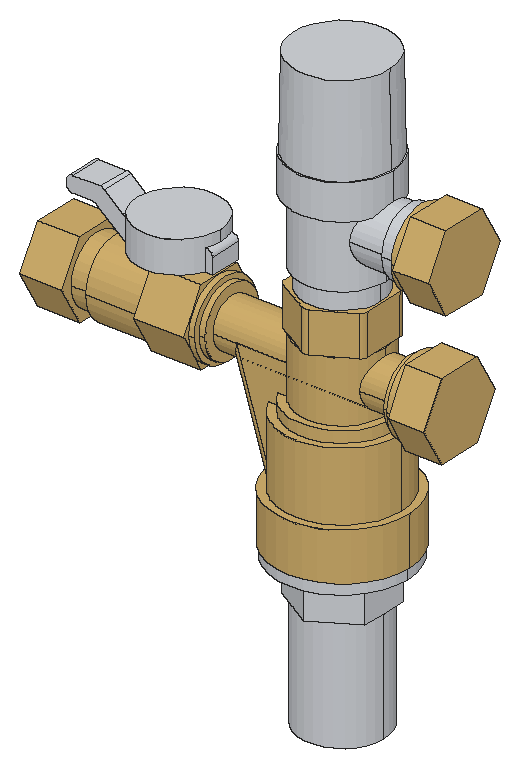
Revit family
Parameters (values of type "KHN3.204")
  URL = "http://www.autospec.co.za/browse.php?id=1644179288"
  Radius of Pipe = Diameter of Pipe / 2  # 7.5 mm
  Product Code = "KHN3.204"
  Pressure Rating = 400 kPa
  OmniClass Title = ""
  OmniClass Number = ""
  Modspec Classification = ""
  Specification = ""
  Location (revit room) = ""
  Model = "Pressure Control Multi Valve KHN3.204"
  Manufacturer = "Kwikot"  # constant formula
  Material = DZR Brass
  Diameter of Pipe = 15 mm
  Colour = none
  Body Finish = none
  Assembly Code = "D2090800"
Types (6, lengths in mm): name | Radius of Pipe | Product Code | Pressure Rating | Model | Diameter of Pipe
  (no name) | 7.5 | "KHN3.204" | 400 kPa | "Pressure Control Multi Valve KHN3.204" | 15
  KHN3.204 | 7.5 | "KHN3.204" | 400 kPa | "Pressure Control Multi Valve KHN3.204" | 15
  KHN3.206 | 7.5 | "KHN3.206" | 600 kPa | "Pressure Control Multi Valve KHN3.206" | 15
  KHN3.212 | 11 | "KHN3.212" | 200 kPa | "Pressure Control Multi Valve KHN3.212" | 22
  KHN3.214 | 11 | "KHN3.214" | 400 kPa | "Pressure Control Multi Valve KHN3.214" | 22
  KHN3.216 | 11 | "KHN3.216" | 600 kPa | "Pressure Control Multi Valve KHN3.216" | 22
Reference planes
  plane 1 "Center (Front/Back)": y = 0
  plane 2: z = 0
  plane 3 "Center (Left/Right)": x = 0
  plane 4: z = -100
  plane 5: z = 88
  plane 6: z = -65
  plane 7: x = 13
  plane 8: x = -13
  plane 9: z = -49.4
  plane 10: z = -34.4
  plane 11: z = -52.865
  plane 12: z = -12.9
  plane 13: z = -9.4
  plane 14: z = 9.6
  plane 15: z = 22.1
  plane 16: z = 28.1
  plane 17: z = 49
  plane 18: z = 60
  plane 19: x = 21.5
  plane 20: x = -34.5
  plane 21: x = 36.5
  plane 22: x = -54
  plane 23: x = 23.5
  plane 24: x = 25.5
  plane 25: x = -36.5
  plane 26: x = -38.5
  plane 27: z = 42
  plane 28: x = 38
  plane 29: x = 27
  plane 30: x = -70.5
  plane 31: x = -76.5
  plane 32: x = -89.5
  plane 33: x = -51
  plane 34: x = -26.5
Forms (mm)
  Extrusion 1, solid, detail levels fine
    sketch origin (-440, -1524, -100) x (-1, 0, 0) y (0, -1, 0)
      loop
        circle (-440, -1524) r 13
    from 0 to 35
  Extrusion 2, solid, detail levels fine
    sketch origin (-440, -1524, -65) x (-1, 0, 0) y (0, -1, 0)
      loop
        line (-453, -1531.506) -> (-440, -1539.011) -> (-427, -1531.506) -> (-427, -1516.494) -> (-440, -1508.989) -> (-453, -1516.494) -> (-453, -1531.506)
    from 0 to 12.135
  Extrusion 3, solid, detail levels fine
    sketch origin (-20.969, -1524, -52.865) x (-1, 0, 0) y (0, -1, 0)
      loop
        circle (-20.969, -1524) r 20.5
    from 0 to 3.465
  Extrusion 4, solid, material "DZR Brass" <- "Material", detail levels fine
    sketch origin (-165.612, -1524, -49.4) x (-1, 0, 0) y (0, -1, 0)
      loop
        circle (-165.612, -1524) r 21
    from 0 to 15
  Extrusion 5, solid, material "DZR Brass" <- "Material", detail levels fine
    sketch origin (0, 0, 0) x (0, 1, 0) y (0, 0, 1)
      loop
        circle (0, 0) r 7.5
    from 21.5 to -34.5
  Extrusion 6, solid, material "DZR Brass" <- "Material", detail levels fine
    sketch origin (-165.612, -1524, -34.4) x (-1, 0, 0) y (0, -1, 0)
      loop
        circle (-165.612, -1524) r 18.5
    from 0 to 21.5
  Extrusion 7, solid, material "DZR Brass" <- "Material", detail levels fine
    sketch origin (-60.699, -1524, -12.9) x (-1, 0, 0) y (0, -1, 0)
      loop
        circle (-60.699, -1524) r 16
    from 0 to 3.5
  Extrusion 8, solid, material "DZR Brass" <- "Material", detail levels fine
    sketch origin (-60.699, -1524, -9.4) x (-1, 0, 0) y (0, -1, 0)
      loop
        circle (-60.699, -1524) r 13.5
    from 0 to 19
  Blend 9, solid, material "DZR Brass" <- "Material", detail levels fine
    base sketch origin (-60.699, -1524, -9.4) x (-1, 0, 0) y (0, -1, 0)
      loop
        arc (-33.817, -1531.5) -> (-32.08, -1530.945) -> (-30.984, -1529.487) r 3
        arc (-30.984, -1529.487) -> (-29.942, -1523.968) -> (-31.003, -1518.452) r 15
        arc (-31.003, -1518.452) -> (-32.103, -1517.036) -> (-33.814, -1516.5) r 3
        line (-33.814, -1516.5) -> (-55.873, -1516.5) -> (-55.873, -1531.5) -> (-33.817, -1531.5)
    top sketch origin (-60.699, -1524, -9.4) x (-1, 0, 0) y (0, -1, 0)
      loop
        line (-55.873, -1531.5) -> (-44.824, -1531.5)
        arc (-44.824, -1531.5) -> (-43.015, -1530.893) -> (-41.938, -1529.318) r 3
        arc (-41.938, -1529.318) -> (-41.199, -1524) -> (-41.938, -1518.682) r 19.5
        arc (-41.938, -1518.682) -> (-43.015, -1517.107) -> (-44.824, -1516.5) r 3
        line (-44.824, -1516.5) -> (-55.873, -1516.5) -> (-55.873, -1531.5)
    from 9.4 to -25.5
  Extrusion 10, solid, material "DZR Brass" <- "Material", detail levels fine
    sketch origin (-60.699, -1524, 9.6) x (-1, 0, 0) y (0, -1, 0)
      loop
        line (-72.699, -1532.083) -> (-61.699, -1538.434)
        arc (-61.699, -1538.434) -> (-60.699, -1538.702) -> (-59.699, -1538.434) r 2
        line (-59.699, -1538.434) -> (-48.699, -1532.083)
        arc (-48.699, -1532.083) -> (-47.967, -1531.351) -> (-47.699, -1530.351) r 2
        line (-47.699, -1530.351) -> (-47.699, -1517.649)
        arc (-47.699, -1517.649) -> (-47.967, -1516.649) -> (-48.699, -1515.917) r 2
        line (-48.699, -1515.917) -> (-59.699, -1509.566)
        arc (-59.699, -1509.566) -> (-60.699, -1509.298) -> (-61.699, -1509.566) r 2
        line (-61.699, -1509.566) -> (-72.699, -1515.917)
        arc (-72.699, -1515.917) -> (-73.431, -1516.649) -> (-73.699, -1517.649) r 2
        line (-73.699, -1517.649) -> (-73.699, -1530.351)
        arc (-73.699, -1530.351) -> (-73.431, -1531.351) -> (-72.699, -1532.083) r 2
    from 0 to 12.5
  Extrusion 11, solid, detail levels fine
    sketch origin (-60.699, -1524, 22.1) x (-1, 0, 0) y (0, -1, 0)
      loop
        circle (-60.699, -1524) r 12.2
    from 0 to 6
  Extrusion 12, solid, detail levels fine
    sketch origin (-60.699, -1524, 28.1) x (-1, 0, 0) y (0, -1, 0)
      loop
        circle (-60.699, -1524) r 13.5
    from 0 to 20.9
  Extrusion 13, solid, detail levels fine
    sketch origin (-60.699, -1524, 49) x (-1, 0, 0) y (0, -1, 0)
      loop
        circle (-60.699, -1524) r 16
    from 0 to 11
  Blend 14, solid, detail levels fine
    base sketch origin (-60.699, -1524, 60) x (-1, 0, 0) y (0, -1, 0)
      loop
        circle (-60.699, -1524) r 15.5
    top sketch origin (-60.699, -1524, 60) x (-1, 0, 0) y (0, -1, 0)
      loop
        circle (-60.699, -1524) r 15
    from 0 to 28
  Extrusion 15, solid, material "DZR Brass" <- "Material", detail levels fine
    sketch origin (21.5, -1524, -21.263) x (0, 0, -1) y (0, -1, 0)
      loop
        circle (-21.263, -1524) r 10.5
    from 0 to -2
  Extrusion 16, solid, material "DZR Brass" <- "Material", detail levels fine
    sketch origin (-34.5, -1524, -21.263) x (0, 0, -1) y (0, -1, 0)
      loop
        circle (-21.263, -1524) r 10.5
    from 0 to 2
  Extrusion 17, solid, material "DZR Brass" <- "Material", detail levels fine
    sketch origin (21.5, -1524, -21.263) x (0, 0, -1) y (0, -1, 0)
      loop
        circle (-21.263, -1524) r 12
    from -2 to -4
  Extrusion 18, solid, material "DZR Brass" <- "Material", detail levels fine
    sketch origin (-34.5, -1524, -21.263) x (0, 0, -1) y (0, -1, 0)
      loop
        circle (-21.263, -1524) r 12
    from 2 to 4
  Extrusion 19, solid, material "DZR Brass" <- "Material", detail levels fine
    sketch origin (25.5, -1524, -21.263) x (0, 0, -1) y (0, -1, 0)
      loop
        line (-9.263, -1517.072) -> (-21.263, -1510.144) -> (-33.263, -1517.072) -> (-33.263, -1530.928) -> (-21.263, -1537.856) -> (-9.263, -1530.928) -> (-9.263, -1517.072)
    from 0 to -11
  Extrusion 20, solid, material "DZR Brass" <- "Material", detail levels fine
    sketch origin (-38.5, -1524, -21.263) x (0, 0, -1) y (0, -1, 0)
      loop
        line (-33.263, -1517.072) -> (-33.263, -1530.928) -> (-21.263, -1537.856) -> (-9.263, -1530.928) -> (-9.263, -1517.072) -> (-21.263, -1510.144) -> (-33.263, -1517.072)
    from 0 to 15.5
  Extrusion 21, solid, detail levels fine
    sketch origin (0, 0, 0) x (0, 1, 0) y (0, 0, 1)
      loop
        circle (0, 42) r 9.5
    from 0 to 20.8
  Extrusion 22, solid, detail levels fine
    sketch origin (0, 0, 0) x (0, 1, 0) y (0, 0, 1)
      loop
        circle (0, 42) r 10.45
    from 20.8 to 25
  Extrusion 23, solid, material "DZR Brass" <- "Material", detail levels fine
    sketch origin (0, 0, 0) x (0, 1, 0) y (0, 0, 1)
      loop
        circle (0, 42) r 12
    from 25 to 27
  Extrusion 24, solid, material "DZR Brass" <- "Material", detail levels fine
    sketch origin (38, -1524, 66.867) x (0, 0, 1) y (0, -1, 0)
      loop
        line (-12.867, -1517.072) -> (-24.867, -1510.144) -> (-36.867, -1517.072) -> (-36.867, -1530.928) -> (-24.867, -1537.856) -> (-12.867, -1530.928) -> (-12.867, -1517.072)
    from 0 to -11
  Extrusion 25, solid, material "DZR Brass" <- "Material", detail levels fine
    sketch origin (-54, -1524, -24.693) x (0, 0, -1) y (0, -1, 0)
      loop
        circle (-24.693, -1524) r 12
    from 0 to 16.5
  Extrusion 26, solid, material "DZR Brass" <- "Material", detail levels fine
    sketch origin (-70.5, -1524, -24.693) x (0, 0, -1) y (0, -1, 0)
      loop
        circle (-24.693, -1524) r 10.5
    from 0 to 6
  Extrusion 27, solid, material "DZR Brass" <- "Material", detail levels fine
    sketch origin (-76.5, -1524, -152.224) x (0, 0, -1) y (0, -1, 0)
      loop
        line (-164.224, -1530.928) -> (-152.224, -1537.856) -> (-140.224, -1530.928) -> (-140.224, -1517.072) -> (-152.224, -1510.144) -> (-164.224, -1517.072) -> (-164.224, -1530.928)
    from 0 to 13
  Extrusion 28, solid, material "DZR Brass", detail levels fine
    sketch origin (0, 0, 0) x (1, 0, 0) y (0, 1, 0)
      loop
        circle (-51, 0) r 8.25
    from 12 to 14.461
  Extrusion 29, solid, detail levels fine
    sketch origin (0, 0, 0) x (1, 0, 0) y (0, 1, 0)
      loop
        circle (-51, 0) r 13
    from 14.461 to 24.5
  Extrusion 30, solid, detail levels fine
    sketch origin (0, 0, 0) x (1, 0, 0) y (0, 0, 1)
      loop
        line (-38.5, 21.385) -> (-63.155, 21.385)
        arc (-63.155, 21.385) -> (-63.841, 21.506) -> (-64.443, 21.855) r 2
        line (-64.443, 21.855) -> (-70.117, 26.63)
        arc (-70.117, 26.63) -> (-70.719, 26.979) -> (-71.405, 27.1) r 2
        line (-71.405, 27.1) -> (-80.111, 27.1)
        arc (-80.111, 27.1) -> (-81.525, 26.514) -> (-82.111, 25.1) r 2
        line (-82.111, 25.1) -> (-82.111, 24.1)
        arc (-82.111, 24.1) -> (-81.525, 22.686) -> (-80.111, 22.1) r 2
        line (-80.111, 22.1) -> (-73.806, 22.1)
        arc (-73.806, 22.1) -> (-73.12, 21.979) -> (-72.518, 21.63) r 2
        line (-72.518, 21.63) -> (-64, 14.461) -> (-36.5, 14.461) -> (-36.5, 19.385)
        arc (-36.5, 19.385) -> (-37.086, 20.799) -> (-38.5, 21.385) r 2
    from -5 to 5
Cuts and joins
  joined: Extrusion 11, Extrusion 12, Extrusion 13, Blend 14, Extrusion 21, Extrusion 22
  joined: Extrusion 1, Extrusion 2, Extrusion 3
  joined: Extrusion 5, Extrusion 10, Extrusion 15, Extrusion 16, Extrusion 17, Extrusion 18, Extrusion 19, Extrusion 20, Extrusion 25, Extrusion 26, Extrusion 27
  joined: Extrusion 4, Extrusion 6, Extrusion 7, Extrusion 8, Blend 9
  joined: Extrusion 23, Extrusion 24
Lines and regions (mm)
  model lines
    curve 1: line (-26.5, 0, 0) -> (-26.5, 40, 0)
    curve 2: line (-41.5, 40, 0) -> (-11.5, 40, 0)
    curve 3: line (17.5, 0, 0) -> (36.5, 0, 0)
    curve 4: line (-70.5, 0, 0) -> (-89.5, 0, 0)
    curve 5: arc (-41.5, 40, 0) -> (-26.5, 46.771, 0) -> (-11.5, 40, 0) r 20
    curve 6: line (-26.5, 46.771, 0) -> (-26.5, 61.771, 0)
    curve 7: line (-26.5, 61.771, 0) -> (24.587, 61.771, 0)
    curve 8: line (24.587, 61.771, 0) -> (24.587, 0, 0)
    curve 9: line (-70.5, -13.856, 0) -> (-70.5, 13.856, 0)
    curve 10: line (-70.5, 13.856, 0) -> (17.5, -13.856, 0)
    curve 11: line (-70.5, -13.856, 0) -> (17.5, 13.856, 0)
    curve 12: line (17.5, 13.856, 0) -> (17.5, -13.856, 0)
Dimensions and locks
  level to plane 4 = 100 mm
  plane 6 to plane 4 = 35 mm
  plane 8 to plane 7 = 26 mm
  plane 3 "Center (Left/Right)" to plane 19 = 21.5 mm
  plane 20 to plane 19 = 56 mm
  plane 3 "Center (Left/Right)" to plane 21 = 36.5 mm
  plane 22 to plane 3 "Center (Left/Right)" = 54 mm
  plane 27 to plane 2 = 42 mm
  plane 28 to plane 3 "Center (Left/Right)" = 38 mm
  plane 28 to plane 29 = 11 mm
  plane 29 to plane 3 "Center (Left/Right)" = 27 mm
  plane 5 to level = 88 mm
  plane 3 "Center (Left/Right)" to plane 33 = 51 mm
  equal spacing: Blend 9 sketch curve, plane 1 "Center (Front/Back)", Blend 9 sketch curve
  "Radius of Pipe": plane 1 "Center (Front/Back)" to Blend 9 sketch curve
  plane 20 to Blend 9 sketch curve = 3.743 mm
  plane 20 to Blend 9 sketch curve = 15 mm
  radius of Extrusion 1 sketch curve = 13 mm
  "Radius of Pipe": radius of Extrusion 5 sketch curve
  radius of Extrusion 21 sketch curve = 9.5 mm
  radius of Extrusion 23 sketch curve = 12 mm
  radius of Extrusion 22 sketch curve = 10.45 mm
  radius of Extrusion 28 sketch curve = 8.25 mm
  radius of Blend 9 sketch curve = 15 mm
  radius of Blend 9 sketch curve = 3 mm  (x4)
  radius of Blend 9 sketch curve = 19.5 mm
  aligned and locked: level to plane 2
  aligned and locked: plane 6 to Extrusion 1
  aligned and locked: Extrusion 1 to plane 4
  aligned and locked: plane 11 to Extrusion 2
  aligned and locked: Extrusion 2 to plane 6
  aligned and locked: plane 9 to Extrusion 3
  aligned and locked: Extrusion 3 to Extrusion 2
  aligned and locked: plane 10 to Extrusion 4
  aligned and locked: Extrusion 4 to plane 9
  aligned and locked: plane 12 to Extrusion 6
  aligned and locked: Extrusion 6 to plane 10
  aligned and locked: plane 13 to Extrusion 7
  aligned and locked: Extrusion 7 to plane 12
  aligned and locked: plane 14 to Extrusion 8
  aligned and locked: Extrusion 8 to Extrusion 7
  aligned and locked: plane 15 to Extrusion 10
  aligned and locked: Extrusion 10 to Extrusion 8
  aligned and locked: plane 16 to Extrusion 11
  aligned and locked: Extrusion 11 to plane 15
  aligned and locked: plane 17 to Extrusion 12
  aligned and locked: Extrusion 12 to plane 16
  aligned and locked: plane 18 to Extrusion 13
  aligned and locked: Extrusion 13 to plane 17
  aligned and locked: plane 5 to Blend 14
  aligned and locked: Blend 14 to plane 18
  aligned and locked: plane 20 to Extrusion 5
  aligned and locked: Extrusion 5 to plane 19
  aligned: Extrusion 16 sketch curve to Extrusion 15
  aligned and locked: Extrusion 16 sketch curve to Extrusion 15
  aligned and locked: Extrusion 17 to Extrusion 15
  aligned: Extrusion 18 sketch curve to Extrusion 17
  aligned and locked: Extrusion 18 sketch curve to Extrusion 17
  aligned and locked: Extrusion 15 to plane 23
  aligned and locked: plane 23 to Extrusion 17
  aligned and locked: Extrusion 17 to plane 24
  aligned and locked: plane 25 to Extrusion 16
  aligned and locked: Extrusion 18 to Extrusion 16
  aligned and locked: plane 26 to Extrusion 18
  aligned and locked: Extrusion 19 to Extrusion 17
  aligned and locked: Extrusion 19 to plane 21
  aligned and locked: plane 22 to Extrusion 20
  aligned and locked: Extrusion 20 to Extrusion 18
  aligned and locked: plane 1 "Center (Front/Back)" to Extrusion 21 sketch curve
  aligned and locked: plane 27 to Extrusion 21 sketch curve
  aligned and locked: plane 27 to Extrusion 22 sketch curve
  aligned and locked: plane 1 "Center (Front/Back)" to Extrusion 22 sketch curve
  aligned and locked: plane 27 to Extrusion 23 sketch curve
  aligned and locked: plane 1 "Center (Front/Back)" to Extrusion 23 sketch curve
  aligned and locked: plane 29 to Extrusion 23
  aligned and locked: plane 28 to Extrusion 24
  aligned and locked: Extrusion 24 to plane 29
  aligned and locked: Extrusion 25 sketch curve to cut or joined group 1 (Extrusion 5, Extrusion 10, Extrusion 15, Extrusion 16, Extrusion 17, Extrusion 18, Extrusion 19, Extrusion 20, Extrusion 25, Extrusion 26, Extrusion 27)  (x2)
  aligned and locked: plane 30 to Extrusion 25
  aligned and locked: Extrusion 25 to plane 22
  aligned and locked: Extrusion 26 sketch curve to cut or joined group 1  (x2)
  aligned and locked: Extrusion 27 to plane 31
  aligned and locked: plane 32 to Extrusion 27
  aligned and locked: Extrusion 26 to plane 30
  aligned and locked: plane 31 to Extrusion 26
  aligned and locked: Extrusion 25 to Extrusion 26
  aligned and locked: Extrusion 25 to cut or joined group 1
  aligned and locked: plane 33 to Extrusion 28 sketch curve
  aligned and locked: plane 1 "Center (Front/Back)" to Extrusion 28 sketch curve
  aligned and locked: Extrusion 28 to cut or joined group 1
  aligned and locked: plane 33 to Extrusion 29 sketch curve
  aligned and locked: plane 1 "Center (Front/Back)" to Extrusion 29 sketch curve
  aligned and locked: Extrusion 29 to Extrusion 28
  aligned and locked: Extrusion 30 sketch curve to Extrusion 29
  aligned and locked: Blend 9 sketch curve to var sketch  (x2)
  aligned and locked: var sketch to Blend 9 sketch curve
Automatic sketch dimensions
  plane 1 "Center (Front/Back)" to Extrusion 1 sketch curve = 0 mm
  Extrusion 1 sketch curve to plane 3 "Center (Left/Right)" = 0 mm
  Extrusion 2 sketch curve to plane 7 = 0 mm
  Extrusion 2 sketch curve to plane 3 "Center (Left/Right)" = 0 mm  (x2)
  Extrusion 2 sketch curve to plane 8 = 0 mm
  Extrusion 2 sketch curve to plane 1 "Center (Front/Back)" = 15.011 mm
  Extrusion 2 sketch curve to plane 1 "Center (Front/Back)" = 7.506 mm  (x2)
  plane 1 "Center (Front/Back)" to Extrusion 2 sketch curve = 7.506 mm  (x2)
  Extrusion 2 sketch curve to Extrusion 2 sketch curve = 7.506 mm
  plane 1 "Center (Front/Back)" to Extrusion 3 sketch curve = 0 mm
  Extrusion 3 sketch curve to plane 3 "Center (Left/Right)" = 0 mm
  plane 1 "Center (Front/Back)" to Extrusion 4 sketch curve = 0 mm
  Extrusion 4 sketch curve to plane 3 "Center (Left/Right)" = 0 mm
  Extrusion 5 sketch curve to level = 0 mm
  Extrusion 5 sketch curve to plane 1 "Center (Front/Back)" = 0 mm
  plane 1 "Center (Front/Back)" to Extrusion 6 sketch curve = 0 mm
  Extrusion 6 sketch curve to plane 3 "Center (Left/Right)" = 0 mm
  plane 1 "Center (Front/Back)" to Extrusion 7 sketch curve = 0 mm
  Extrusion 7 sketch curve to plane 3 "Center (Left/Right)" = 0 mm
  plane 1 "Center (Front/Back)" to Extrusion 8 sketch curve = 0 mm
  Extrusion 8 sketch curve to plane 3 "Center (Left/Right)" = 0 mm
  Extrusion 10 sketch curve to plane 7 = 0 mm
  Extrusion 10 sketch curve to plane 3 "Center (Left/Right)" = 0 mm  (x2)
  Extrusion 10 sketch curve to plane 8 = 0 mm
  plane 7 to Extrusion 10 sketch curve = 1 mm  (x2)
  Extrusion 10 sketch curve to Extrusion 10 sketch curve = 2 mm  (x2)
  plane 3 "Center (Left/Right)" to Extrusion 10 sketch curve = 1 mm  (x2)
  Extrusion 10 sketch curve to plane 3 "Center (Left/Right)" = 1 mm  (x2)
  Extrusion 10 sketch curve to plane 8 = 2 mm  (x2)
  Extrusion 10 sketch curve to plane 8 = 1 mm  (x2)
  Extrusion 10 sketch curve to plane 1 "Center (Front/Back)" = 14.434 mm
  Extrusion 10 sketch curve to Extrusion 10 sketch curve = 1.732 mm  (x2)
  Extrusion 10 sketch curve to plane 1 "Center (Front/Back)" = 8.083 mm  (x2)
  plane 1 "Center (Front/Back)" to Extrusion 10 sketch curve = 6.351 mm  (x2)
  Extrusion 10 sketch curve to Extrusion 10 sketch curve = 6.351 mm
  plane 1 "Center (Front/Back)" to Extrusion 11 sketch curve = 0 mm
  Extrusion 11 sketch curve to plane 3 "Center (Left/Right)" = 0 mm
  plane 1 "Center (Front/Back)" to Extrusion 12 sketch curve = 0 mm
  Extrusion 12 sketch curve to plane 3 "Center (Left/Right)" = 0 mm
  plane 1 "Center (Front/Back)" to Extrusion 13 sketch curve = 0 mm
  Extrusion 13 sketch curve to plane 3 "Center (Left/Right)" = 0 mm
  plane 1 "Center (Front/Back)" to Blend 14 sketch curve = 0 mm  (x2)
  Blend 14 sketch curve to plane 3 "Center (Left/Right)" = 0 mm  (x2)
  Extrusion 15 sketch curve to level = 0 mm
  Extrusion 15 sketch curve to plane 1 "Center (Front/Back)" = 0 mm
  Extrusion 17 sketch curve to level = 0 mm
  Extrusion 17 sketch curve to plane 1 "Center (Front/Back)" = 0 mm
  Extrusion 19 sketch curve to level = 0 mm  (x2)
  plane 14 to Extrusion 19 sketch curve = 2.4 mm
  plane 12 to Extrusion 19 sketch curve = 0.9 mm
  Extrusion 19 sketch curve to plane 1 "Center (Front/Back)" = 13.856 mm
  Extrusion 19 sketch curve to plane 1 "Center (Front/Back)" = 6.928 mm  (x2)
  plane 1 "Center (Front/Back)" to Extrusion 19 sketch curve = 6.928 mm  (x2)
  plane 1 "Center (Front/Back)" to Extrusion 19 sketch curve = 13.856 mm
  Extrusion 20 sketch curve to level = 0 mm  (x2)
  plane 14 to Extrusion 20 sketch curve = 2.4 mm
  plane 12 to Extrusion 20 sketch curve = 0.9 mm
  Extrusion 20 sketch curve to plane 1 "Center (Front/Back)" = 13.856 mm
  Extrusion 20 sketch curve to plane 1 "Center (Front/Back)" = 6.928 mm  (x2)
  plane 1 "Center (Front/Back)" to Extrusion 20 sketch curve = 6.928 mm  (x2)
  Extrusion 20 sketch curve to Extrusion 20 sketch curve = 6.928 mm
  Extrusion 30 sketch curve to plane 15 = 0 mm
  plane 26 to Extrusion 30 sketch curve = 0 mm
  plane 25 to Extrusion 30 sketch curve = 0 mm
  Extrusion 30 sketch curve to plane 15 = 0.715 mm
  Extrusion 30 sketch curve to plane 30 = 7.345 mm
  Extrusion 30 sketch curve to plane 30 = 6.5 mm
  Extrusion 30 sketch curve to plane 15 = 0.245 mm
  Extrusion 30 sketch curve to Extrusion 30 sketch curve = 1.288 mm  (x2)
  Extrusion 30 sketch curve to plane 30 = 0.383 mm
  plane 30 to Extrusion 30 sketch curve = 0.905 mm
  Extrusion 30 sketch curve to plane 15 = 0.47 mm
  plane 30 to Extrusion 30 sketch curve = 2.018 mm
  plane 31 to Extrusion 30 sketch curve = 3.611 mm  (x2)
  Extrusion 30 sketch curve to plane 16 = 1 mm
  Extrusion 30 sketch curve to Extrusion 30 sketch curve = 2 mm  (x2)
  Blend 9 sketch curve to plane 3 "Center (Left/Right)" = 4.825 mm
  plane 34 to Blend 9 sketch curve = 0.381 mm
  plane 34 to Blend 9 sketch curve = 0.385 mm
  plane 1 "Center (Front/Back)" to Blend 9 sketch curve = 0.007 mm
  plane 1 "Center (Front/Back)" to Blend 9 sketch curve = 0 mm
  Blend 9 sketch curve to Blend 9 sketch curve = 0 mm  (x2)
  curve 4 to plane 1 "Center (Front/Back)" = 0 mm
  curve 4 to plane 32 = 0 mm
  curve 4 to plane 30 = 0 mm
  curve 5 to plane 34 = 0 mm
  plane 1 "Center (Front/Back)" to curve 1 = 0 mm
  curve 1 to plane 34 = 0 mm
  curve 6 to plane 34 = 0 mm
  plane 1 "Center (Front/Back)" to curve 3 = 0 mm
  curve 3 to plane 21 = 0 mm
  plane 26 to curve 5 = 3 mm
  plane 19 to curve 11 = 4 mm
  curve 8 to plane 29 = 2.413 mm
  curve 12 to curve 3 = 13.856 mm
  curve 9 to curve 4 = 13.856 mm
  curve 10 to plane 1 "Center (Front/Back)" = 13.856 mm
  curve 5 to plane 1 "Center (Front/Back)" = 26.771 mm
  curve 5 to curve 2 = 13.229 mm
  curve 6 to curve 7 = 15 mm
  radius of Extrusion 3 sketch curve = 20.5 mm
  radius of Extrusion 4 sketch curve = 21 mm
  radius of Extrusion 6 sketch curve = 18.5 mm
  radius of Extrusion 7 sketch curve = 16 mm
  radius of Extrusion 8 sketch curve = 13.5 mm
  radius of Extrusion 11 sketch curve = 12.2 mm
  radius of Extrusion 12 sketch curve = 13.5 mm
  radius of Extrusion 13 sketch curve = 16 mm
  radius of Blend 14 sketch curve = 15.5 mm
  radius of Blend 14 sketch curve = 15 mm
  radius of Extrusion 15 sketch curve = 10.5 mm
  radius of Extrusion 17 sketch curve = 12 mm
  radius of Extrusion 29 sketch curve = 13 mm
Connectors
  piping at (36.5, 0, 0), driven by "Radius of Pipe", driven by "Pressure Rating"
    settings: on Extrusion 19, index 2, connector radius 7.5 mm, flow factor 0, pipe flow 0.0 L/s, pressure drop 400 kPa, fitting loss kfactor 0, connector angle 0.00°, fixture units 0, flow configuration 0, flow direction 2, fitting loss method 4, system type 29, connector reference index 3, connector utility 0, adjustable connector no, is connector primary yes, fitting loss table "", connector description ""
  piping at (-89.5, 0, 0), driven by "Radius of Pipe"
    settings: on cut or joined group 1, index 3, connector radius 7.5 mm, flow factor 0, pipe flow 0.0 L/s, pressure drop 0 kPa, fitting loss kfactor 0, connector angle 0.00°, fixture units 0, flow configuration 0, flow direction 1, fitting loss method 4, system type 29, connector reference index 2, connector utility 0, adjustable connector no, is connector primary no, fitting loss table "", connector description ""
